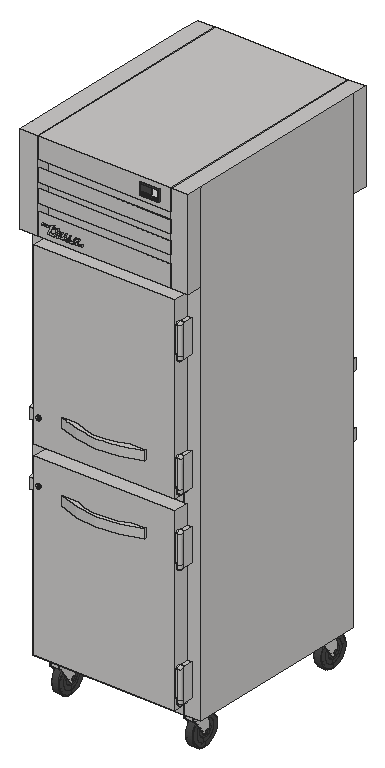
Revit family "QF_TRUE_STG1FPT-2HS-2HS", category Specialty Equipment, Revit 2012 (continued)
Automatic sketch dimensions
  Extrusion 6 sketch curve to Extrusion 6 sketch curve = 0.09315"
  Extrusion 6 sketch curve to Extrusion 6 sketch curve = 0.04799"
  Extrusion 6 sketch curve to Extrusion 6 sketch curve = 0.02531"
  Extrusion 6 sketch curve to Extrusion 6 sketch curve = 0.03054"
  Extrusion 6 sketch curve to Extrusion 6 sketch curve = 0.2589"
  Extrusion 6 sketch curve to Extrusion 6 sketch curve = 0.0674"
  Extrusion 6 sketch curve to Extrusion 6 sketch curve = 0.0324"
  Extrusion 6 sketch curve to Extrusion 6 sketch curve = 0.26185"
  Extrusion 6 sketch curve to Extrusion 6 sketch curve = 11/256"
  Extrusion 6 sketch curve to Extrusion 6 sketch curve = 0.07366"
  Extrusion 6 sketch curve to Extrusion 6 sketch curve = 0.02187"
  Extrusion 6 sketch curve to Extrusion 6 sketch curve = 0.06479"
  Extrusion 6 sketch curve to Extrusion 6 sketch curve = 0.01183"
  Extrusion 6 sketch curve to Extrusion 6 sketch curve = 0.05778"
  Extrusion 6 sketch curve to Extrusion 6 sketch curve = 0.53375"
  Extrusion 6 sketch curve to Extrusion 6 sketch curve = 0.23098"
  Extrusion 6 sketch curve to Extrusion 6 sketch curve = 0"
  Extrusion 6 sketch curve to Extrusion 6 sketch curve = 0.05045"
  Extrusion 6 sketch curve to Extrusion 6 sketch curve = 0.09139"
  Extrusion 6 sketch curve to Extrusion 6 sketch curve = 29/128"  (x3)
  Extrusion 7 sketch curve to plane 3 "RIGHT" = 3 1/4"
  Extrusion 7 sketch curve to plane 5 "TOP" = 2 1/8"
  plane 2 "LEFT" to Blend 8 sketch curve = 2 9/32"
  Blend 8 sketch curve to Blend 8 sketch curve = 3/4"
  plane 6 to Blend 8 sketch curve = 37.83143"
  Blend 8 sketch curve to Blend 8 sketch curve = 1 3/4"
  Blend 8 sketch curve to plane 2 "LEFT" = 2 9/32"
  Blend 8 sketch curve to Blend 8 sketch curve = 0.93223"
  Blend 8 sketch curve to plane 6 = 35.48383"
  Blend 8 sketch curve to Blend 8 sketch curve = 2.78233"
  Extrusion 9 sketch curve to plane 4 "FRONT" = 11/16"
  Extrusion 9 sketch curve to Extrusion 9 sketch curve = 0.43503"
  Extrusion 9 sketch curve to Extrusion 9 sketch curve = 0.20453"
  Extrusion 9 sketch curve to Extrusion 9 sketch curve = 1.42294"
  Extrusion 9 sketch curve to plane 5 "TOP" = 19.57271"
  Extrusion 9 sketch curve to Extrusion 9 sketch curve = 4.39928"
  Extrusion 9 sketch curve to Extrusion 9 sketch curve = 0.71221"
  Revolve 10 sketch curve to plane 4 "FRONT" = 0.26521"  (x2)
  Revolve 10 sketch curve to Revolve 10 sketch curve = 0.38242"
  Revolve 10 sketch curve to Revolve 10 sketch curve = 0.38436"
  Revolve 10 sketch curve to plane 4 "FRONT" = 43/64"
  Revolve 10 sketch curve to Revolve 10 sketch curve = 0.40666"
  Revolve 10 sketch curve to Revolve 10 sketch curve = 0"
  Revolve 10 sketch curve to plane 5 "TOP" = 18.75492"
  Revolve 10 sketch curve to Revolve 10 sketch curve = 0.55526"
  Revolve 10 sketch curve to Revolve 10 sketch curve = 0.19474"
  Revolve 10 sketch curve to Revolve 10 sketch curve = 0.14649"
  Revolve 10 sketch curve to Revolve 10 sketch curve = 4.42889"
  Revolve 10 sketch curve to Revolve 10 sketch curve = 0.05342"
  Revolve 10 sketch curve to Revolve 10 sketch curve = 0.51246"
  Revolve 10 sketch curve to Revolve 10 sketch curve = 0.05889"
  Extrusion 11 sketch curve to plane 3 "RIGHT" = 1.88366"
  Extrusion 11 sketch curve to Extrusion 11 sketch curve = 0.39759"
  Extrusion 11 sketch curve to plane 5 "TOP" = 19.6514"
  Extrusion 11 sketch curve to Extrusion 11 sketch curve = 4.47281"
  Extrusion 12 sketch curve to plane 4 "FRONT" = 11/16"
  Extrusion 12 sketch curve to Extrusion 12 sketch curve = 0.43503"
  Extrusion 12 sketch curve to Extrusion 12 sketch curve = 0.20453"
  Extrusion 12 sketch curve to Extrusion 12 sketch curve = 1.42294"
  plane 6 to Extrusion 12 sketch curve = 38.92729"
  Extrusion 12 sketch curve to Extrusion 12 sketch curve = 4.39928"
  Extrusion 12 sketch curve to Extrusion 12 sketch curve = 0.71221"
  Revolve 13 sketch curve to plane 4 "FRONT" = 0.26521"  (x2)
  Revolve 13 sketch curve to Revolve 13 sketch curve = 0.38242"
  Revolve 13 sketch curve to Revolve 13 sketch curve = 0.38436"
  Revolve 13 sketch curve to plane 4 "FRONT" = 43/64"
  Revolve 13 sketch curve to Revolve 13 sketch curve = 0.40666"
  Revolve 13 sketch curve to Revolve 13 sketch curve = 0"
  Revolve 13 sketch curve to plane 5 "TOP" = 38.25492"
  Revolve 13 sketch curve to Revolve 13 sketch curve = 0.55526"
  Revolve 13 sketch curve to Revolve 13 sketch curve = 0.19474"
  Revolve 13 sketch curve to Revolve 13 sketch curve = 0.14649"
  Revolve 13 sketch curve to Revolve 13 sketch curve = 4.42889"
  Revolve 13 sketch curve to Revolve 13 sketch curve = 0.05342"
  Revolve 13 sketch curve to Revolve 13 sketch curve = 0.51246"
  Revolve 13 sketch curve to Revolve 13 sketch curve = 0.05889"
  Extrusion 14 sketch curve to plane 3 "RIGHT" = 1.88366"
  Extrusion 14 sketch curve to Extrusion 14 sketch curve = 0.39759"
  plane 6 to Extrusion 14 sketch curve = 38.8486"
  Extrusion 14 sketch curve to Extrusion 14 sketch curve = 4.47281"
  Extrusion 15 sketch curve to plane 4 "FRONT" = 11/16"
  Extrusion 15 sketch curve to Extrusion 15 sketch curve = 0.43503"
  Extrusion 15 sketch curve to Extrusion 15 sketch curve = 0.20453"
  Extrusion 15 sketch curve to Extrusion 15 sketch curve = 1.42294"
  plane 6 to Extrusion 15 sketch curve = 27.92729"
  Extrusion 15 sketch curve to Extrusion 15 sketch curve = 4.39928"
  Extrusion 15 sketch curve to Extrusion 15 sketch curve = 0.71221"
  Revolve 16 sketch curve to plane 4 "FRONT" = 0.26521"  (x2)
  Revolve 16 sketch curve to Revolve 16 sketch curve = 0.38242"
  Revolve 16 sketch curve to Revolve 16 sketch curve = 0.38436"
  Revolve 16 sketch curve to plane 4 "FRONT" = 43/64"
  Revolve 16 sketch curve to Revolve 16 sketch curve = 0.40666"
  Revolve 16 sketch curve to Revolve 16 sketch curve = 0"
  plane 6 to Revolve 16 sketch curve = 28.74508"
  Revolve 16 sketch curve to Revolve 16 sketch curve = 0.55526"
  Revolve 16 sketch curve to Revolve 16 sketch curve = 0.19474"
  Revolve 16 sketch curve to Revolve 16 sketch curve = 0.14649"
  Revolve 16 sketch curve to Revolve 16 sketch curve = 4.42889"
  Revolve 16 sketch curve to Revolve 16 sketch curve = 0.05342"
  Revolve 16 sketch curve to Revolve 16 sketch curve = 0.51246"
  Revolve 16 sketch curve to Revolve 16 sketch curve = 0.05889"
  Extrusion 17 sketch curve to plane 3 "RIGHT" = 1.88366"
  Extrusion 17 sketch curve to Extrusion 17 sketch curve = 0.39759"
  plane 6 to Extrusion 17 sketch curve = 27.8486"
  Extrusion 17 sketch curve to Extrusion 17 sketch curve = 4.47281"
  Extrusion 18 sketch curve to plane 4 "FRONT" = 11/16"
  Extrusion 18 sketch curve to Extrusion 18 sketch curve = 0.43503"
  Extrusion 18 sketch curve to Extrusion 18 sketch curve = 0.20453"
  Extrusion 18 sketch curve to Extrusion 18 sketch curve = 1.42294"
  plane 6 to Extrusion 18 sketch curve = 8.17729"
  plane 6 to Extrusion 18 sketch curve = 3.57348"
  Extrusion 18 sketch curve to Extrusion 18 sketch curve = 0.71221"
  Revolve 19 sketch curve to plane 4 "FRONT" = 0.26521"  (x2)
  Revolve 19 sketch curve to Revolve 19 sketch curve = 0.38242"
  Revolve 19 sketch curve to Revolve 19 sketch curve = 0.38436"
  Revolve 19 sketch curve to plane 4 "FRONT" = 43/64"
  Revolve 19 sketch curve to Revolve 19 sketch curve = 0.40666"
  Revolve 19 sketch curve to Revolve 19 sketch curve = 0"
  plane 6 to Revolve 19 sketch curve = 8.99508"
  Revolve 19 sketch curve to Revolve 19 sketch curve = 0.55526"
  Revolve 19 sketch curve to Revolve 19 sketch curve = 0.19474"
  Revolve 19 sketch curve to Revolve 19 sketch curve = 0.14649"
  plane 6 to Revolve 19 sketch curve = 3.62689"
  Revolve 19 sketch curve to Revolve 19 sketch curve = 0.05342"
  Revolve 19 sketch curve to Revolve 19 sketch curve = 0.51246"
  Revolve 19 sketch curve to Revolve 19 sketch curve = 0.05889"
  Extrusion 20 sketch curve to plane 3 "RIGHT" = 1.88366"
  Extrusion 20 sketch curve to Extrusion 20 sketch curve = 0.39759"
  plane 6 to Extrusion 20 sketch curve = 8.0986"
  plane 6 to Extrusion 20 sketch curve = 3.62579"
  Revolve 21 sketch curve to plane 3 "RIGHT" = 4.35148"
  Revolve 21 sketch curve to Revolve 21 sketch curve = 0.48273"
  Revolve 21 sketch curve to Revolve 21 sketch curve = 0.4"
  Revolve 21 sketch curve to Revolve 21 sketch curve = 0"  (x2)
  Revolve 21 sketch curve to Revolve 21 sketch curve = 0.1"  (x2)
  Revolve 21 sketch curve to Revolve 21 sketch curve = 0.16101"
  Revolve 21 sketch curve to Revolve 21 sketch curve = 0.75408"
  Revolve 21 sketch curve to Revolve 21 sketch curve = 0.92798"
  Revolve 21 sketch curve to Revolve 21 sketch curve = 0.06101"
  Revolve 21 sketch curve to Revolve 21 sketch curve = 1/2"
  Revolve 21 sketch curve to Revolve 21 sketch curve = 0.16509"
  Revolve 21 sketch curve to Revolve 21 sketch curve = 0.39592"
  level to Revolve 21 sketch curve = 2 1/2"
  Revolve 21 sketch curve to Revolve 21 sketch curve = 0.29941"  (x2)
  Revolve 21 sketch curve to Revolve 21 sketch curve = 3/4"  (x4)
  Revolve 21 sketch curve to Revolve 21 sketch curve = 0.59652"
  Revolve 21 sketch curve to Revolve 21 sketch curve = 0.60059"
  Extrusion 22 sketch curve to plane 6 = 0.63926"  (x2)
  Extrusion 22 sketch curve to plane 4 "FRONT" = 3.79864"
  Extrusion 22 sketch curve to Extrusion 22 sketch curve = 1/4"  (x2)
  level to Extrusion 22 sketch curve = 2.18736"  (x2)
  Extrusion 22 sketch curve to Extrusion 22 sketch curve = 1.7492"  (x2)
  Extrusion 22 sketch curve to Extrusion 22 sketch curve = 0.50669"  (x2)
  Extrusion 22 sketch curve to Extrusion 22 sketch curve = 2 1/2"  (x2)
  level to Extrusion 22 sketch curve = 2.59003"  (x2)
  Extrusion 22 sketch curve to Extrusion 22 sketch curve = 0.59966"  (x2)
  plane 7 to Extrusion 22 sketch curve = 6.6077"
  Extrusion 22 sketch curve to Extrusion 22 sketch curve = 0.60485"  (x2)
  Extrusion 23 sketch curve to plane 6 = 0.63926"  (x2)
  Extrusion 23 sketch curve to plane 4 "FRONT" = 3.79864"
  Extrusion 23 sketch curve to Extrusion 23 sketch curve = 1/4"  (x2)
  level to Extrusion 23 sketch curve = 2.18736"  (x2)
  Extrusion 23 sketch curve to Extrusion 23 sketch curve = 1.7492"  (x2)
  Extrusion 23 sketch curve to Extrusion 23 sketch curve = 0.50669"  (x2)
  Extrusion 23 sketch curve to Extrusion 23 sketch curve = 2 1/2"  (x2)
  level to Extrusion 23 sketch curve = 2.59003"  (x2)
  Extrusion 23 sketch curve to Extrusion 23 sketch curve = 0.59966"  (x2)
  plane 7 to Extrusion 23 sketch curve = 6.6077"
  Extrusion 23 sketch curve to Extrusion 23 sketch curve = 0.60485"  (x2)
  Revolve 24 sketch curve to plane 6 = 0"
  Revolve 24 sketch curve to plane 6 = 0.63926"
  Revolve 24 sketch curve to plane 3 "RIGHT" = 4.14082"
  Revolve 24 sketch curve to Revolve 24 sketch curve = 1.29707"
  Revolve 24 sketch curve to Revolve 24 sketch curve = 0"
  Revolve 24 sketch curve to Revolve 24 sketch curve = 0.09306"
  plane 6 to Revolve 24 sketch curve = 0.26768"
  Revolve 25 sketch curve to level = 0"
  Revolve 25 sketch curve to plane 6 = 0"
  Revolve 25 sketch curve to plane 3 "RIGHT" = 4.17713"
  level to Revolve 25 sketch curve = 1"
  Revolve 25 sketch curve to plane 3 "RIGHT" = 3 19/32"
  Revolve 25 sketch curve to Revolve 25 sketch curve = 1/4"
  Revolve 25 sketch curve to Revolve 25 sketch curve = 1/2"
  Revolve 25 sketch curve to Revolve 25 sketch curve = 0"
  Revolve 25 sketch curve to Revolve 25 sketch curve = 5/8"
  plane 6 to Revolve 25 sketch curve = 1 25/32"
  Revolve 26 sketch curve to level = 0"
  Revolve 26 sketch curve to plane 6 = 0"
  Revolve 26 sketch curve to plane 3 "RIGHT" = 4.17713"
  level to Revolve 26 sketch curve = 1"
  Revolve 26 sketch curve to plane 3 "RIGHT" = 3 19/32"
  Revolve 26 sketch curve to Revolve 26 sketch curve = 1/4"
  Revolve 26 sketch curve to Revolve 26 sketch curve = 1/2"
  Revolve 26 sketch curve to Revolve 26 sketch curve = 0"
  Revolve 26 sketch curve to Revolve 26 sketch curve = 5/8"
  plane 6 to Revolve 26 sketch curve = 1 25/32"
  Revolve 27 sketch curve to plane 6 = 0"
  Revolve 27 sketch curve to plane 6 = 0.63926"
  Revolve 27 sketch curve to plane 3 "RIGHT" = 4.14082"
  Revolve 27 sketch curve to Revolve 27 sketch curve = 1.29707"
  Revolve 27 sketch curve to Revolve 27 sketch curve = 0"
  Revolve 27 sketch curve to Revolve 27 sketch curve = 0.09306"
  plane 6 to Revolve 27 sketch curve = 0.26768"
  Extrusion 28 sketch curve to plane 6 = 0.63926"  (x2)
  Extrusion 28 sketch curve to plane 4 "FRONT" = 3.79864"
  Extrusion 28 sketch curve to Extrusion 28 sketch curve = 1/4"  (x2)
  Extrusion 28 sketch curve to Extrusion 28 sketch curve = 2 1/2"  (x2)
  Extrusion 28 sketch curve to plane 6 = 0.93273"  (x2)
  Extrusion 28 sketch curve to Extrusion 28 sketch curve = 0.03603"
  plane 7 to Extrusion 28 sketch curve = 6.6077"
  Extrusion 28 sketch curve to plane 6 = 1.24411"
  Revolve 29 sketch curve to plane 3 "RIGHT" = 4.35148"
  Revolve 29 sketch curve to Revolve 29 sketch curve = 0.48273"
  Revolve 29 sketch curve to Revolve 29 sketch curve = 0.4"
  Revolve 29 sketch curve to Revolve 29 sketch curve = 0"  (x2)
  Revolve 29 sketch curve to Revolve 29 sketch curve = 0.1"  (x2)
  Revolve 29 sketch curve to Revolve 29 sketch curve = 0.16101"
  Revolve 29 sketch curve to Revolve 29 sketch curve = 0.75408"
  Revolve 29 sketch curve to Revolve 29 sketch curve = 0.92798"
  Revolve 29 sketch curve to Revolve 29 sketch curve = 0.06101"
  Revolve 29 sketch curve to Revolve 29 sketch curve = 1/2"
  Revolve 29 sketch curve to Revolve 29 sketch curve = 0.16509"
  Revolve 29 sketch curve to Revolve 29 sketch curve = 0.39592"
  level to Revolve 29 sketch curve = 2 1/2"
  Revolve 29 sketch curve to Revolve 29 sketch curve = 0.29941"  (x2)
  Revolve 29 sketch curve to Revolve 29 sketch curve = 3/4"  (x4)
  Revolve 29 sketch curve to Revolve 29 sketch curve = 0.59652"
  Revolve 29 sketch curve to Revolve 29 sketch curve = 0.60059"
  plane 2 "LEFT" to Revolve 30 sketch curve = 1.33602"
  Revolve 30 sketch curve to Revolve 30 sketch curve = 0.48273"
  Revolve 30 sketch curve to Revolve 30 sketch curve = 0.4"
  Revolve 30 sketch curve to Revolve 30 sketch curve = 0"  (x2)
  Revolve 30 sketch curve to Revolve 30 sketch curve = 0.1"  (x2)
  Revolve 30 sketch curve to Revolve 30 sketch curve = 0.16101"
  Revolve 30 sketch curve to Revolve 30 sketch curve = 0.75408"
  Revolve 30 sketch curve to Revolve 30 sketch curve = 0.92798"
  Revolve 30 sketch curve to Revolve 30 sketch curve = 0.06101"
  Revolve 30 sketch curve to Revolve 30 sketch curve = 1/2"
  Revolve 30 sketch curve to Revolve 30 sketch curve = 0.16509"
  Revolve 30 sketch curve to Revolve 30 sketch curve = 0.39592"
  level to Revolve 30 sketch curve = 2 1/2"
  Revolve 30 sketch curve to Revolve 30 sketch curve = 0.29941"  (x2)
  Revolve 30 sketch curve to Revolve 30 sketch curve = 3/4"  (x4)
  Revolve 30 sketch curve to Revolve 30 sketch curve = 0.59652"
  Revolve 30 sketch curve to Revolve 30 sketch curve = 0.60059"
  Extrusion 31 sketch curve to plane 6 = 0.63926"  (x2)
  Extrusion 31 sketch curve to plane 4 "FRONT" = 3.79864"
  Extrusion 31 sketch curve to Extrusion 31 sketch curve = 1/4"  (x2)
  level to Extrusion 31 sketch curve = 2.18736"  (x2)
  Extrusion 31 sketch curve to Extrusion 31 sketch curve = 1.7492"  (x2)
  Extrusion 31 sketch curve to Extrusion 31 sketch curve = 0.50669"  (x2)
  Extrusion 31 sketch curve to Extrusion 31 sketch curve = 2 1/2"  (x2)
  level to Extrusion 31 sketch curve = 2.59003"  (x2)
  Extrusion 31 sketch curve to Extrusion 31 sketch curve = 0.59966"  (x2)
  plane 7 to Extrusion 31 sketch curve = 6.6077"
  Extrusion 31 sketch curve to Extrusion 31 sketch curve = 0.60485"  (x2)
  Extrusion 32 sketch curve to plane 6 = 0.63926"  (x2)
  Extrusion 32 sketch curve to plane 4 "FRONT" = 3.79864"
  Extrusion 32 sketch curve to Extrusion 32 sketch curve = 1/4"  (x2)
  level to Extrusion 32 sketch curve = 2.18736"  (x2)
  Extrusion 32 sketch curve to Extrusion 32 sketch curve = 1.7492"  (x2)
  Extrusion 32 sketch curve to Extrusion 32 sketch curve = 0.50669"  (x2)
  Extrusion 32 sketch curve to Extrusion 32 sketch curve = 2 1/2"  (x2)
  level to Extrusion 32 sketch curve = 2.59003"  (x2)
  Extrusion 32 sketch curve to Extrusion 32 sketch curve = 0.59966"  (x2)
  plane 7 to Extrusion 32 sketch curve = 6.6077"
  Extrusion 32 sketch curve to Extrusion 32 sketch curve = 0.60485"  (x2)
  Revolve 33 sketch curve to plane 6 = 0"
  Revolve 33 sketch curve to plane 6 = 0.63926"
  plane 2 "LEFT" to Revolve 33 sketch curve = 1.54668"
  Revolve 33 sketch curve to Revolve 33 sketch curve = 1.29707"
  Revolve 33 sketch curve to Revolve 33 sketch curve = 0"
  Revolve 33 sketch curve to Revolve 33 sketch curve = 0.09306"
  plane 6 to Revolve 33 sketch curve = 0.26768"
  Revolve 34 sketch curve to level = 0"
  Revolve 34 sketch curve to plane 6 = 0"
  plane 2 "LEFT" to Revolve 34 sketch curve = 1.51037"
  level to Revolve 34 sketch curve = 1"
  plane 2 "LEFT" to Revolve 34 sketch curve = 2 3/32"
  Revolve 34 sketch curve to Revolve 34 sketch curve = 1/4"
  Revolve 34 sketch curve to Revolve 34 sketch curve = 1/2"
  Revolve 34 sketch curve to Revolve 34 sketch curve = 0"
  Revolve 34 sketch curve to Revolve 34 sketch curve = 5/8"
  plane 6 to Revolve 34 sketch curve = 1 25/32"
  Revolve 35 sketch curve to level = 0"
  Revolve 35 sketch curve to plane 6 = 0"
  plane 2 "LEFT" to Revolve 35 sketch curve = 1.51037"
  level to Revolve 35 sketch curve = 1"
  plane 2 "LEFT" to Revolve 35 sketch curve = 2 3/32"
  Revolve 35 sketch curve to Revolve 35 sketch curve = 1/4"
  Revolve 35 sketch curve to Revolve 35 sketch curve = 1/2"
  Revolve 35 sketch curve to Revolve 35 sketch curve = 0"
  Revolve 35 sketch curve to Revolve 35 sketch curve = 5/8"
  plane 6 to Revolve 35 sketch curve = 1 25/32"
  Revolve 36 sketch curve to plane 6 = 0"
  Revolve 36 sketch curve to plane 6 = 0.63926"
  plane 2 "LEFT" to Revolve 36 sketch curve = 1.54668"
  Revolve 36 sketch curve to Revolve 36 sketch curve = 1.29707"
  Revolve 36 sketch curve to Revolve 36 sketch curve = 0"
  Revolve 36 sketch curve to Revolve 36 sketch curve = 0.09306"
  plane 6 to Revolve 36 sketch curve = 0.26768"
  Extrusion 37 sketch curve to plane 6 = 0.63926"  (x2)
  Extrusion 37 sketch curve to plane 4 "FRONT" = 3.79864"
  Extrusion 37 sketch curve to Extrusion 37 sketch curve = 1/4"  (x2)
  Extrusion 37 sketch curve to Extrusion 37 sketch curve = 2 1/2"  (x2)
  Extrusion 37 sketch curve to plane 6 = 0.93273"  (x2)
  Extrusion 37 sketch curve to Extrusion 37 sketch curve = 0.03603"
  plane 7 to Extrusion 37 sketch curve = 6.6077"
  Extrusion 37 sketch curve to plane 6 = 1.24411"
  plane 2 "LEFT" to Revolve 38 sketch curve = 1.33602"
  Revolve 38 sketch curve to Revolve 38 sketch curve = 0.48273"
  Revolve 38 sketch curve to Revolve 38 sketch curve = 0.4"
  Revolve 38 sketch curve to Revolve 38 sketch curve = 0"  (x2)
  Revolve 38 sketch curve to Revolve 38 sketch curve = 0.1"  (x2)
  Revolve 38 sketch curve to Revolve 38 sketch curve = 0.16101"
  Revolve 38 sketch curve to Revolve 38 sketch curve = 0.75408"
  Revolve 38 sketch curve to Revolve 38 sketch curve = 0.92798"
  Revolve 38 sketch curve to Revolve 38 sketch curve = 0.06101"
  Revolve 38 sketch curve to Revolve 38 sketch curve = 1/2"
  Revolve 38 sketch curve to Revolve 38 sketch curve = 0.16509"
  Revolve 38 sketch curve to Revolve 38 sketch curve = 0.39592"
  level to Revolve 38 sketch curve = 2 1/2"
  Revolve 38 sketch curve to Revolve 38 sketch curve = 0.29941"  (x2)
  Revolve 38 sketch curve to Revolve 38 sketch curve = 3/4"  (x4)
  Revolve 38 sketch curve to Revolve 38 sketch curve = 0.59652"
  Revolve 38 sketch curve to Revolve 38 sketch curve = 0.60059"
  Extrusion 39 sketch curve to plane 3 "RIGHT" = 2 55/64"
  Extrusion 39 sketch curve to plane 3 "RIGHT" = 3/64"
  plane 7 to Extrusion 39 sketch curve = 2 3/4"
  plane 7 to Extrusion 39 sketch curve = 3/16"
  plane 2 "LEFT" to Extrusion 40 sketch curve = 3/64"
  plane 7 to Extrusion 40 sketch curve = 3/16"
  Extrusion 40 sketch curve to Extrusion 40 sketch curve = 2 13/16"
  Extrusion 40 sketch curve to Extrusion 40 sketch curve = 2 9/16"
  plane 7 to Extrusion 41 sketch curve = 0.67295"
  Extrusion 41 sketch curve to Extrusion 41 sketch curve = 0.43503"
  Extrusion 41 sketch curve to Extrusion 41 sketch curve = 0.20453"
  Extrusion 41 sketch curve to Extrusion 41 sketch curve = 1 7/16"
  Extrusion 41 sketch curve to plane 5 "TOP" = 19.57271"
  Extrusion 41 sketch curve to Extrusion 41 sketch curve = 4.39928"
  Extrusion 41 sketch curve to Extrusion 41 sketch curve = 0.71221"
  plane 7 to Revolve 42 sketch curve = 0.25067"  (x2)
  Revolve 42 sketch curve to Revolve 42 sketch curve = 0.38242"
  Revolve 42 sketch curve to Revolve 42 sketch curve = 0.38436"
  plane 7 to Revolve 42 sketch curve = 0.65733"
  Revolve 42 sketch curve to Revolve 42 sketch curve = 0.40666"
  Revolve 42 sketch curve to Revolve 42 sketch curve = 0"
  Revolve 42 sketch curve to plane 5 "TOP" = 18.75492"
  Revolve 42 sketch curve to Revolve 42 sketch curve = 0.55526"
  Revolve 42 sketch curve to Revolve 42 sketch curve = 0.19474"
  Revolve 42 sketch curve to Revolve 42 sketch curve = 0.14649"
  Revolve 42 sketch curve to Revolve 42 sketch curve = 4.42889"
  Revolve 42 sketch curve to Revolve 42 sketch curve = 0.05342"
  Revolve 42 sketch curve to Revolve 42 sketch curve = 0.51246"
  Revolve 42 sketch curve to Revolve 42 sketch curve = 0.05889"
  plane 2 "LEFT" to Extrusion 43 sketch curve = 1.88366"
  Extrusion 43 sketch curve to Extrusion 43 sketch curve = 0.39759"
  Extrusion 43 sketch curve to plane 5 "TOP" = 19.6514"
  Extrusion 43 sketch curve to Extrusion 43 sketch curve = 4.47281"
  plane 7 to Extrusion 44 sketch curve = 0.67295"
  Extrusion 44 sketch curve to Extrusion 44 sketch curve = 0.43503"
  Extrusion 44 sketch curve to Extrusion 44 sketch curve = 0.20453"
  Extrusion 44 sketch curve to Extrusion 44 sketch curve = 1 7/16"
  plane 6 to Extrusion 44 sketch curve = 38.92729"
  Extrusion 44 sketch curve to Extrusion 44 sketch curve = 4.39928"
  Extrusion 44 sketch curve to Extrusion 44 sketch curve = 0.71221"
  plane 7 to Revolve 45 sketch curve = 0.25067"  (x2)
  Revolve 45 sketch curve to Revolve 45 sketch curve = 0.38242"
  Revolve 45 sketch curve to Revolve 45 sketch curve = 0.38436"
  plane 7 to Revolve 45 sketch curve = 0.65733"
  Revolve 45 sketch curve to Revolve 45 sketch curve = 0.40666"
  Revolve 45 sketch curve to Revolve 45 sketch curve = 0"
  Revolve 45 sketch curve to plane 5 "TOP" = 38.25492"
  Revolve 45 sketch curve to Revolve 45 sketch curve = 0.55526"
  Revolve 45 sketch curve to Revolve 45 sketch curve = 0.19474"
  Revolve 45 sketch curve to Revolve 45 sketch curve = 0.14649"
  Revolve 45 sketch curve to Revolve 45 sketch curve = 4.42889"
  Revolve 45 sketch curve to Revolve 45 sketch curve = 0.05342"
  Revolve 45 sketch curve to Revolve 45 sketch curve = 0.51246"
  Revolve 45 sketch curve to Revolve 45 sketch curve = 0.05889"
  plane 2 "LEFT" to Extrusion 46 sketch curve = 1.88366"
  Extrusion 46 sketch curve to Extrusion 46 sketch curve = 0.39759"
  plane 6 to Extrusion 46 sketch curve = 38.8486"
  Extrusion 46 sketch curve to Extrusion 46 sketch curve = 4.47281"
  plane 7 to Extrusion 47 sketch curve = 0.67295"
  Extrusion 47 sketch curve to Extrusion 47 sketch curve = 0.43503"
  Extrusion 47 sketch curve to Extrusion 47 sketch curve = 0.20453"
  Extrusion 47 sketch curve to Extrusion 47 sketch curve = 1 7/16"
  plane 6 to Extrusion 47 sketch curve = 27.92729"
  Extrusion 47 sketch curve to Extrusion 47 sketch curve = 4.39928"
  Extrusion 47 sketch curve to Extrusion 47 sketch curve = 0.71221"
  plane 7 to Revolve 48 sketch curve = 0.25066"  (x2)
  Revolve 48 sketch curve to Revolve 48 sketch curve = 0.38242"
  Revolve 48 sketch curve to Revolve 48 sketch curve = 0.38436"
  plane 7 to Revolve 48 sketch curve = 0.65733"
  Revolve 48 sketch curve to Revolve 48 sketch curve = 0.40666"
  Revolve 48 sketch curve to Revolve 48 sketch curve = 0"
  plane 6 to Revolve 48 sketch curve = 28.74508"
  Revolve 48 sketch curve to Revolve 48 sketch curve = 0.55526"
  Revolve 48 sketch curve to Revolve 48 sketch curve = 0.19474"
  Revolve 48 sketch curve to Revolve 48 sketch curve = 0.14649"
  Revolve 48 sketch curve to Revolve 48 sketch curve = 4.42889"
  Revolve 48 sketch curve to Revolve 48 sketch curve = 0.05342"
  Revolve 48 sketch curve to Revolve 48 sketch curve = 0.51246"
  Revolve 48 sketch curve to Revolve 48 sketch curve = 0.05889"
  plane 2 "LEFT" to Extrusion 49 sketch curve = 1.88366"
  Extrusion 49 sketch curve to Extrusion 49 sketch curve = 0.39759"
  plane 6 to Extrusion 49 sketch curve = 27.8486"
  Extrusion 49 sketch curve to Extrusion 49 sketch curve = 4.47281"
  plane 7 to Extrusion 50 sketch curve = 0.67295"
  Extrusion 50 sketch curve to Extrusion 50 sketch curve = 0.43503"
  Extrusion 50 sketch curve to Extrusion 50 sketch curve = 0.20453"
  Extrusion 50 sketch curve to Extrusion 50 sketch curve = 1 7/16"
  plane 6 to Extrusion 50 sketch curve = 8.17729"
  plane 6 to Extrusion 50 sketch curve = 3.57348"
  Extrusion 50 sketch curve to Extrusion 50 sketch curve = 0.71221"
  plane 7 to Revolve 51 sketch curve = 0.25066"  (x2)
  Revolve 51 sketch curve to Revolve 51 sketch curve = 0.38242"
  Revolve 51 sketch curve to Revolve 51 sketch curve = 0.38436"
  plane 7 to Revolve 51 sketch curve = 0.65733"
  Revolve 51 sketch curve to Revolve 51 sketch curve = 0.40666"
  Revolve 51 sketch curve to Revolve 51 sketch curve = 0"
  plane 6 to Revolve 51 sketch curve = 8.99508"
  Revolve 51 sketch curve to Revolve 51 sketch curve = 0.55526"
  Revolve 51 sketch curve to Revolve 51 sketch curve = 0.19474"
  Revolve 51 sketch curve to Revolve 51 sketch curve = 0.14649"
  plane 6 to Revolve 51 sketch curve = 3.62689"
  Revolve 51 sketch curve to Revolve 51 sketch curve = 0.05342"
  Revolve 51 sketch curve to Revolve 51 sketch curve = 0.51246"
  Revolve 51 sketch curve to Revolve 51 sketch curve = 0.05889"
  plane 2 "LEFT" to Extrusion 52 sketch curve = 1.88366"
  Extrusion 52 sketch curve to Extrusion 52 sketch curve = 0.39759"
  plane 6 to Extrusion 52 sketch curve = 8.0986"
  plane 6 to Extrusion 52 sketch curve = 3.62579"
  Blend 53 sketch curve to plane 3 "RIGHT" = 2 9/32"  (x2)
  Blend 53 sketch curve to Blend 53 sketch curve = 3/4"
  plane 6 to Blend 53 sketch curve = 37.83143"
  Blend 53 sketch curve to Blend 53 sketch curve = 1 3/4"
  Blend 53 sketch curve to Blend 53 sketch curve = 0.93223"
  plane 6 to Blend 53 sketch curve = 38.26617"
  Blend 53 sketch curve to Blend 53 sketch curve = 2.78233"
  Extrusion 54 sketch curve to plane 5 "TOP" = 2.55982"
  Extrusion 54 sketch curve to plane 3 "RIGHT" = 7.7246"
  Extrusion 54 sketch curve to Extrusion 54 sketch curve = 2 29/32"
  Extrusion 54 sketch curve to plane 5 "TOP" = 13/16"
  Extrusion 55 sketch curve to plane 5 "TOP" = 3/4"
  Extrusion 55 sketch curve to plane 3 "RIGHT" = 7.7871"
  Extrusion 55 sketch curve to Extrusion 55 sketch curve = 1/16"  (x4)
  Extrusion 55 sketch curve to Extrusion 55 sketch curve = 0.1375"  (x2)
  Extrusion 55 sketch curve to Extrusion 55 sketch curve = 1/4"  (x4)
  Extrusion 55 sketch curve to Extrusion 55 sketch curve = 0.44601"
  Extrusion 55 sketch curve to Extrusion 55 sketch curve = 1/2"  (x2)
  Extrusion 55 sketch curve to Extrusion 55 sketch curve = 0.0035"
  Extrusion 55 sketch curve to Extrusion 55 sketch curve = 1.06923"
  Extrusion 55 sketch curve to plane 5 "TOP" = 0.95"
  Extrusion 55 sketch curve to Extrusion 55 sketch curve = 1"
  Extrusion 55 sketch curve to Extrusion 55 sketch curve = 0.34106"  (x3)
  Extrusion 55 sketch curve to Extrusion 55 sketch curve = 0"
  Extrusion 55 sketch curve to Extrusion 55 sketch curve = 0.26876"
  plane 2 "LEFT" to Extrusion 57 sketch curve = 2 9/32"
  Extrusion 57 sketch curve to Extrusion 57 sketch curve = 0"  (x2)
  Extrusion 57 sketch curve to plane 3 "RIGHT" = 2 9/32"
  Extrusion 57 sketch curve to plane 5 "TOP" = 16 5/32"
  Extrusion 57 sketch curve to Extrusion 57 sketch curve = 29 3/32"
  Extrusion 57 sketch curve to Extrusion 57 sketch curve = 1 3/4"
  plane 6 to Extrusion 57 sketch curve = 1 29/32"
  plane 2 "LEFT" to Extrusion 58 sketch curve = 2 9/32"  (x2)
  Extrusion 58 sketch curve to plane 3 "RIGHT" = 2 9/32"
  Extrusion 58 sketch curve to Extrusion 58 sketch curve = 0"
  plane 6 to Extrusion 58 sketch curve = 1 29/32"
  Extrusion 58 sketch curve to Extrusion 58 sketch curve = 29 3/32"
  Extrusion 58 sketch curve to Extrusion 58 sketch curve = 1 3/4"
  Extrusion 58 sketch curve to plane 5 "TOP" = 16 5/32"
  plane 7 to Extrusion 59 sketch curve = 3/16"  (x2)
  Extrusion 59 sketch curve to plane 3 "RIGHT" = 6.95"
  Extrusion 59 sketch curve to Extrusion 59 sketch curve = 2.37851"  (x2)
  Extrusion 59 sketch curve to Extrusion 59 sketch curve = 4.42149"
  Extrusion 59 sketch curve to Extrusion 59 sketch curve = 0"
  Extrusion 59 sketch curve to plane 7 = 0.0247"
  plane 7 to Extrusion 59 sketch curve = 7.95429"
  Extrusion 59 sketch curve to Extrusion 59 sketch curve = 7.30945"
  Extrusion 60 sketch curve to plane 3 "RIGHT" = 3.04215"
  Extrusion 60 sketch curve to Extrusion 60 sketch curve = 0.02035"
  Extrusion 60 sketch curve to Extrusion 60 sketch curve = 0.0555"
  plane 6 to Extrusion 60 sketch curve = 36.58145"
  Extrusion 60 sketch curve to Extrusion 60 sketch curve = 0.29355"
  Extrusion 60 sketch curve to Extrusion 60 sketch curve = 0.27385"
  plane 2 "LEFT" to Extrusion 61 sketch curve = 2 27/32"
  Extrusion 61 sketch curve to plane 4 "FRONT" = 5.09023"
  plane 2 "LEFT" to Extrusion 62 sketch curve = 2 27/32"
  plane 7 to Extrusion 62 sketch curve = 5.44102"
  Extrusion 63 sketch curve to plane 3 "RIGHT" = 2 27/32"
  plane 7 to Extrusion 63 sketch curve = 5.44102"
  Extrusion 64 sketch curve to plane 3 "RIGHT" = 2 27/32"
  Extrusion 64 sketch curve to plane 4 "FRONT" = 5.09023"
  Extrusion 65 sketch curve to plane 4 "FRONT" = 3/16"  (x2)
  plane 2 "LEFT" to Extrusion 65 sketch curve = 6.95"
  Extrusion 65 sketch curve to Extrusion 65 sketch curve = 2.37851"  (x2)
  Extrusion 65 sketch curve to Extrusion 65 sketch curve = 4.42149"
  Extrusion 65 sketch curve to Extrusion 65 sketch curve = 0"
  plane 4 "FRONT" to Extrusion 65 sketch curve = 0.0247"
  Extrusion 65 sketch curve to plane 4 "FRONT" = 7.95429"
  Extrusion 65 sketch curve to Extrusion 65 sketch curve = 7.30945"
  plane 2 "LEFT" to Extrusion 66 sketch curve = 3.04215"
  Extrusion 66 sketch curve to Extrusion 66 sketch curve = 0.02035"
  Extrusion 66 sketch curve to Extrusion 66 sketch curve = 0.0555"
  plane 6 to Extrusion 66 sketch curve = 36.58145"
  Extrusion 66 sketch curve to Extrusion 66 sketch curve = 0.29355"
  Extrusion 66 sketch curve to Extrusion 66 sketch curve = 0.27385"
  plane 2 "LEFT" to Blend 67 sketch curve = 2 9/32"  (x2)
  Blend 67 sketch curve to Blend 67 sketch curve = 3/4"
  plane 6 to Blend 67 sketch curve = 27.66857"
  Blend 67 sketch curve to Blend 67 sketch curve = 1 3/4"
  Blend 67 sketch curve to Blend 67 sketch curve = 0.93223"
  plane 6 to Blend 67 sketch curve = 28.26617"
  Blend 67 sketch curve to Blend 67 sketch curve = 2.78233"
  Blend 68 sketch curve to plane 3 "RIGHT" = 2 9/32"  (x2)
  Blend 68 sketch curve to Blend 68 sketch curve = 3/4"
  plane 6 to Blend 68 sketch curve = 27.66857"
  Blend 68 sketch curve to Blend 68 sketch curve = 1 3/4"
  Blend 68 sketch curve to Blend 68 sketch curve = 0.93223"
  plane 6 to Blend 68 sketch curve = 28.26617"
  Blend 68 sketch curve to Blend 68 sketch curve = 2.78233"
  Extrusion 69 sketch curve to plane 3 "RIGHT" = 3.04215"
  Extrusion 69 sketch curve to Extrusion 69 sketch curve = 0.02035"
  Extrusion 69 sketch curve to Extrusion 69 sketch curve = 0.0555"
  plane 6 to Extrusion 69 sketch curve = 26.60115"
  Extrusion 69 sketch curve to Extrusion 69 sketch curve = 0.27385"
  Extrusion 69 sketch curve to Extrusion 69 sketch curve = 0.29355"
  plane 2 "LEFT" to Extrusion 70 sketch curve = 3.04215"
  Extrusion 70 sketch curve to Extrusion 70 sketch curve = 0.02035"
  Extrusion 70 sketch curve to Extrusion 70 sketch curve = 0.0555"
  plane 6 to Extrusion 70 sketch curve = 26.60115"
  Extrusion 70 sketch curve to Extrusion 70 sketch curve = 0.27385"
  Extrusion 70 sketch curve to Extrusion 70 sketch curve = 0.29355"
  plane 7 to Extrusion 71 sketch curve = 3/16"  (x2)
  Extrusion 71 sketch curve to plane 3 "RIGHT" = 6.95"
  Extrusion 71 sketch curve to Extrusion 71 sketch curve = 2.37851"  (x2)
  Extrusion 71 sketch curve to Extrusion 71 sketch curve = 4.42149"
  Extrusion 71 sketch curve to Extrusion 71 sketch curve = 0"
  Extrusion 71 sketch curve to plane 7 = 0.0247"
  plane 7 to Extrusion 71 sketch curve = 7.95429"
  Extrusion 71 sketch curve to Extrusion 71 sketch curve = 7.30945"
  Extrusion 72 sketch curve to plane 4 "FRONT" = 3/16"  (x2)
  plane 2 "LEFT" to Extrusion 72 sketch curve = 6.95"
  Extrusion 72 sketch curve to Extrusion 72 sketch curve = 2.37851"  (x2)
  Extrusion 72 sketch curve to Extrusion 72 sketch curve = 4.42149"
  Extrusion 72 sketch curve to Extrusion 72 sketch curve = 0"
  plane 4 "FRONT" to Extrusion 72 sketch curve = 0.0247"
  Extrusion 72 sketch curve to plane 4 "FRONT" = 7.95429"
  Extrusion 72 sketch curve to Extrusion 72 sketch curve = 7.30945"
  plane 7 to Extrusion 73 sketch curve = 3/16"
  plane 2 "LEFT" to Extrusion 73 sketch curve = 2 9/32"  (x2)
  Extrusion 73 sketch curve to Extrusion 73 sketch curve = 0.01713"
  Extrusion 73 sketch curve to plane 3 "RIGHT" = 2 9/32"  (x2)
  plane 7 to Extrusion 73 sketch curve = 0.07688"
  Extrusion 3 sketch curve to plane 5 "TOP" = 0"
  Extrusion 3 sketch curve to plane 4 "FRONT" = 3/16"  (x4)
  Extrusion 3 sketch curve to plane 4 "FRONT" = 2 1/4"
  Extrusion 3 sketch curve to Extrusion 3 sketch curve = 0"  (x2)
  Extrusion 3 sketch curve to plane 6 = 0"
  Extrusion 3 sketch curve to plane 4 "FRONT" = 2 3/4"  (x2)
  Extrusion 3 sketch curve to Extrusion 3 sketch curve = 1/2"
  Extrusion 3 sketch curve to Extrusion 3 sketch curve = 1"  (x2)
  plane 7 to Extrusion 3 sketch curve = 3 3/4"
  plane 7 to Extrusion 3 sketch curve = 2 3/4"  (x2)
  plane 7 to Extrusion 3 sketch curve = 2.25216"  (x2)
  Extrusion 3 sketch curve to Extrusion 3 sketch curve = 0.49784"
  plane 7 to Extrusion 3 sketch curve = 3/16"  (x4)
  plane 6 to Extrusion 3 sketch curve = 2.82243"
  Extrusion 3 sketch curve to Extrusion 3 sketch curve = 27.17757"  (x2)
  Extrusion 3 sketch curve to Extrusion 3 sketch curve = 3 3/4"  (x2)
  Extrusion 3 sketch curve to plane 5 "TOP" = 19 1/4"
  Extrusion 3 sketch curve to Extrusion 3 sketch curve = 4 5/8"  (x2)
  Extrusion 3 sketch curve to Extrusion 3 sketch curve = 2 1/8"
  Extrusion 3 sketch curve to Extrusion 3 sketch curve = 2.19166"
  Extrusion 3 sketch curve to Extrusion 3 sketch curve = 1.27557"  (x4)
  Extrusion 3 sketch curve to Extrusion 3 sketch curve = 0.19093"
  Extrusion 3 sketch curve to Extrusion 3 sketch curve = 0.19247"
  Extrusion 3 sketch curve to Extrusion 3 sketch curve = 2.0962"  (x4)
  Extrusion 3 sketch curve to Extrusion 3 sketch curve = 0.96076"  (x4)
  Extrusion 3 sketch curve to Extrusion 3 sketch curve = 2.13371"  (x2)
  Extrusion 3 sketch curve to Extrusion 3 sketch curve = 1.12227"  (x4)
  Extrusion 3 sketch curve to Extrusion 3 sketch curve = 0.34424"
  Extrusion 3 sketch curve to Extrusion 3 sketch curve = 0.34577"
  Extrusion 56 sketch curve to plane 8 = 0"
  plane 2 "LEFT" to Extrusion 56 sketch curve = 2 9/32"  (x2)
  Extrusion 56 sketch curve to plane 4 "FRONT" = 3/16"
  Extrusion 56 sketch curve to Extrusion 56 sketch curve = 0.01713"
  plane 7 to Extrusion 56 sketch curve = 3/16"
  Extrusion 56 sketch curve to plane 3 "RIGHT" = 2 9/32"
  Extrusion 56 sketch curve to plane 4 "FRONT" = 0.13437"
  Extrusion 56 sketch curve to Extrusion 56 sketch curve = 0.0406"
  plane 7 to Extrusion 56 sketch curve = 0.07688"
  Extrusion 73 sketch curve to plane 8 = 0"
  Extrusion 73 sketch curve to plane 4 "FRONT" = 3/16"
  Extrusion 73 sketch curve to plane 4 "FRONT" = 0.13437"
  curve 1 to plane 2 "LEFT" = 0"
  plane 10 to curve 33 = 0"
  plane 9 to curve 39 = 0"
  plane 4 "FRONT" to curve 9 = 0"
  plane 7 to curve 14 = 0"
  plane 4 "FRONT" to curve 13 = 0"
  curve 4 to plane 3 "RIGHT" = 0"
  plane 2 "LEFT" to curve 26 = 1.05276"
  plane 2 "LEFT" to curve 19 = 1.05276"
  curve 18 to curve 19 = 1.08606"
  curve 26 to curve 28 = 1.08606"
  curve 2 to curve 33 = 2 9/32"
  curve 2 to curve 39 = 2 9/32"
  curve 39 to curve 40 = 0.02708"
  plane 2 "LEFT" to curve 25 = 3.55276"
  plane 2 "LEFT" to curve 18 = 3.55276"
  curve 33 to curve 9 = 1.40832"
  plane 2 "LEFT" to curve 6 = 5.30512"
  plane 4 "FRONT" to curve 37 = 0.0247"  (x2)
  curve 8 to curve 37 = 3.24793"
  curve 34 to plane 7 = 0.0247"  (x2)
  curve 40 to curve 34 = 4.65417"
  curve 36 to curve 35 = 2.37851"
  curve 37 to curve 38 = 2.72546"
  curve 38 to curve 8 = 0.67128"
  curve 17 to curve 37 = 9.09868"
  curve 38 to curve 37 = 0"
  curve 35 to curve 35 = 4.42149"
  curve 37 to curve 34 = 0.025"
  curve 35 to curve 14 = 7.82475"
  curve 14 to curve 35 = 0.67128"
  curve 10 to curve 38 = 7.82475"
  curve 38 to curve 11 = 1.55392"
  curve 40 to plane 3 "RIGHT" = 5.30512"
  curve 37 to curve 13 = 2.20666"
  curve 12 to curve 23 = 31/256"
  curve 31 to plane 3 "RIGHT" = 4.63474"
  curve 34 to curve 15 = 3.24793"
  curve 30 to curve 32 = 1.08606"
  curve 22 to curve 23 = 1.08606"
  curve 33 to plane 4 "FRONT" = 0.06697"
  curve 33 to plane 3 "RIGHT" = 2.30833"
  curve 15 to curve 40 = 1.40832"
  curve 33 to curve 6 = 0.02708"
  curve 30 to plane 3 "RIGHT" = 2.13474"
  curve 21 to plane 3 "RIGHT" = 2.13474"
  curve 2 to curve 5 = 2 9/16"
  curve 5 to curve 24 = 1.14642"
  curve 5 to curve 20 = 1.14642"
  curve 19 to curve 19 = 0.62704"
  curve 23 to curve 23 = 0.62704"
  curve 38 to curve 37 = 7.30945"
  curve 37 to curve 34 = 5.97251"
  curve 31 to curve 15 = 8.66608"
  curve 28 to curve 39 = 8.66608"
  curve 31 to curve 31 = 0.62704"
  curve 27 to curve 26 = 0.62704"
  plane 9 to curve 1 = 2 9/16"
  plane 7 to curve 40 = 0.06697"
  radius of Extrusion 7 sketch curve = 1/4"
  radius of Extrusion 60 sketch curve = 0.35"
  radius of Extrusion 61 sketch curve = 1 1/2"
  radius of Extrusion 62 sketch curve = 1 1/2"
  radius of Extrusion 63 sketch curve = 1 1/2"
  radius of Extrusion 64 sketch curve = 1 1/2"
  radius of Extrusion 66 sketch curve = 0.35"
  radius of Extrusion 69 sketch curve = 0.35"
  radius of Extrusion 70 sketch curve = 0.35"
Connectors (in)
  electrical at (24.25, 2.5625, 82), driven by "Volts", driven by "Watts"
    settings: on Extrusion 7, index 1, voltage 115 V, apparent load 1000.5 VA, apparent load phase1 0 VA, apparent load phase2 0 VA, apparent load phase3 0 VA, power factor 1, load classification "Other", number of poles 1, system type 30, power factor state 1, is connector primary yes, connector utility no, sub classification motor no, connector description "ELECTRICAL CONNECTION"
